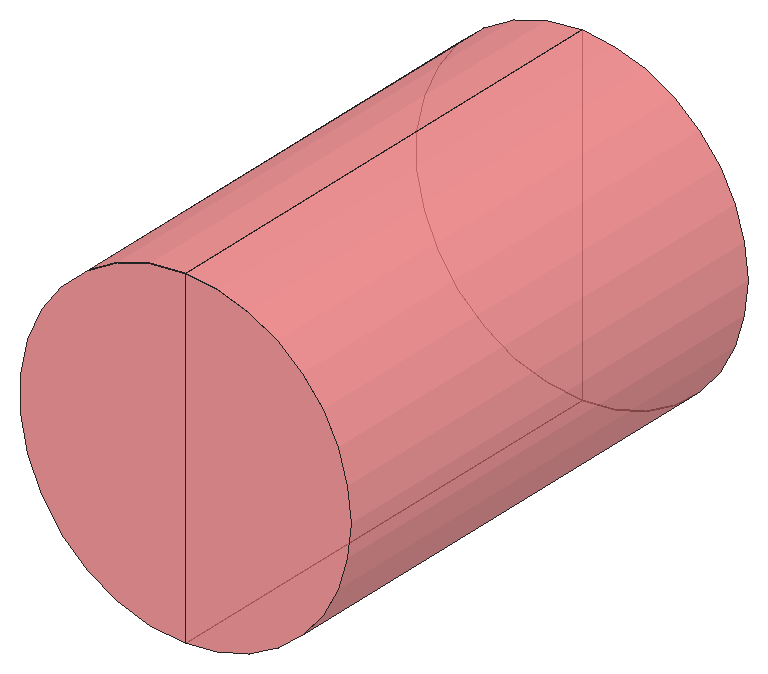
Revit family "М1_ОтверстиеКруглое_Стена", category Обобщенные модели, Revit 2021
Family settings
  Может служить основой для арматурных стержней = Нет
  Размер круглого соединителя = Использовать диаметр
  Тип детали = Нормальный
  На основе рабочей плоскости = Нет
  Всегда вертикально = Да
  При загрузке вырезать с полостями = Да
  Общий = Нет
  Точка принадлежности помещению = Нет
Parameters (values of type "Отверстие_ОВ")
  Отметка по умолчанию = 0 mm
  Группа модели = "Отверстие в стене"  # constant formula
  Angle_Wall [instance] = 0.00°
  Angle_Duct [instance] = 0.00°
  ADSK_Размер_Диаметр [instance] = 200 mm
  ADSK_Размер_Глубина [instance] = 300 mm
  ADSK_Отверстие_Функция = "ОВ"
  ADSK_Отверстие_Отметка от нуля [instance] = 0 mm
  ADSK_Материал = ADSK_Отверстие_ОВ
Reference planes
  plane 1 "По центру (Вперед/Назад)": y = 0
  plane 2: z = 0
  plane 3 "По центру (Влево/Вправо)": x = 0
  plane 4: x = -100
  plane 5: x = 100
  plane 6: y = 150
  plane 7: y = -150
  plane 8: z = 100
  plane 9: z = -100
  plane 10: z = 101
  plane 11: z = -101
  plane 12: y = -151
  plane 13: y = 151
Forms (mm)
  Revolve 1, solid, material "ADSK_Отверстие_ОВ" <- "ADSK_Материал"
    sketch origin (0, 0, 0) x (0, 1, 0) y (0, 0, 1)
      loop
        line (151, 0) -> (-151, 0) -> (-151, -101) -> (151, -101) -> (151, 0)
      axis (151, 0) -> (-151, 0)
    angle from 0 to 360
  Revolve 2, void
    sketch origin (0, 0, 0) x (0, 1, 0) y (0, 0, 1)
      loop
        line (-151, 101) -> (-151, 0) -> (151, 0) -> (151, 101) -> (-151, 101)
      axis (-151, 0) -> (151, 0)
    angle from 0 to 360
Dimensions and locks
  equal spacing: plane 4, plane 3 "По центру (Влево/Вправо)", plane 5
  "ADSK_Размер_Диаметр": plane 4 to plane 5
  equal spacing: plane 6, plane 1 "По центру (Вперед/Назад)", plane 7
  "ADSK_Размер_Глубина": plane 6 to plane 7
  equal spacing: plane 8, level, plane 9
  "ADSK_Размер_Диаметр": plane 8 to plane 9
  locked: plane 6 to plane 13 at 1
  locked: plane 12 to plane 7 at 1
  locked: plane 10 to plane 8 at 1
  locked: plane 9 to plane 11 at 1
  aligned and locked: level to plane 2
  aligned and locked: Revolve 1 sketch curve to level  (x2)
  aligned and locked: Revolve 2 sketch curve to level
  aligned and locked: Revolve 1 to Revolve 2 sketch curve
  aligned and locked: level to Revolve 2 sketch curve
  aligned and locked: Revolve 2 sketch curve to Revolve 1
  aligned and locked: Revolve 1 sketch curve to plane 12
  aligned and locked: plane 11 to Revolve 1 sketch curve
  aligned and locked: plane 13 to Revolve 1 sketch curve
  aligned and locked: Revolve 2 sketch curve to plane 10
Automatic sketch dimensions
  Revolve 1 sketch curve to Revolve 1 sketch curve = 375.329 mm
  Revolve 1 sketch curve to Revolve 1 sketch curve = 302.671 mm
  Revolve 2 sketch curve to plane 7 = 360 mm
  plane 6 to Revolve 2 sketch curve = 240 mm
